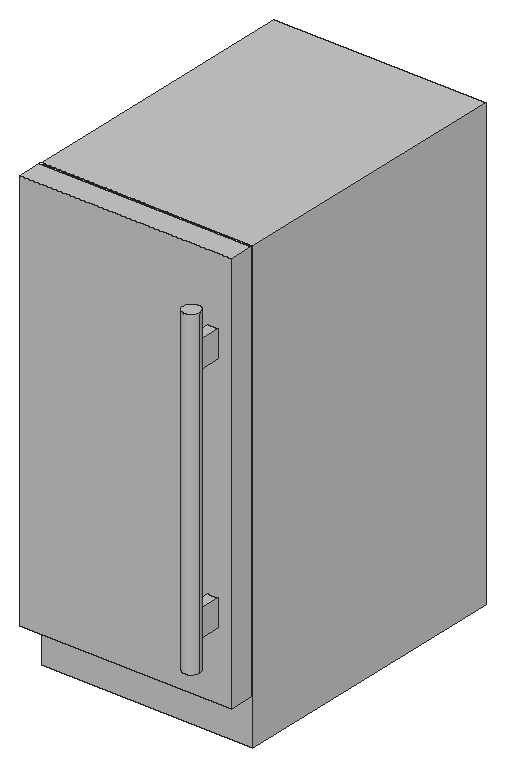
Revit family "M_Refrigerador de embutir", category Equipamento especial, Revit 2019
Family settings
  Cota do conector redondo = Utilizar diâmetro
  Tipo de parte = Normal
  Número OmniClass = 23.40.40.14
  Título OmniClass = Food Service Equipment
  Com base no plano de trabalho = Não
  Sempre na vertical = Sim
  Corte com vazios quando carregada = Não
  Compartilhado = Não
  Ponto de cálculo do ambiente = Não
Parameters (values of type "400mm LH")
  Largura = 400 mm
  Deslocamento de parede = 25 mm
  Voltagem = 120 V
  Type Comments = ""
  Mostrar legenda = yes
  RH = no
  Consumo de energia = 500 VA
  Legenda = "Refr. U.C."
  LH = not(RH)  # yes
  Altura = 850 mm
  Linha de centro do puxador = if(RH, 35 mm, (Largura - 35 mm))  # 365 mm
  Junta = Eletrodoméstico – Junta
  Descrição = "Refrigerador de embutir"
  Linear = 600 mm
  Código de montagem = "E1090320"
  Acabamento do eletrodoméstico = Eletrodoméstico – Aço inoxidável
  Amperagem = Consumo de energia / Voltagem  # 4.16667 A
Types (4, lengths in mm): name | Largura | RH | LH | Linha de centro do puxador
  600mm LH | 600 | no | yes | 565
  600mm RH | 600 | yes | no | 35
  400mm RH | 400 | yes | no | 35
  400mm LH | 400 | no | yes | 365
Reference planes
  plane 1 "Parte posterior": y = 0
  plane 2: z = 0
  plane 3 "Centro (Esquerda/Direita)": x = 0
  plane 4 "Esquerda": x = -200
  plane 5 "Direita": x = 200
  plane 6: y = -25
  plane 7 "Parte frontal": y = -625
  plane 8 "Traseira da porta": y = -574.2
  plane 9 "Superior": z = 850
  plane 10 "Porta B.O.": z = 88.9
  plane 11: x = 165
  plane 12: z = 773.8
  plane 13: z = 165.1
Forms (mm)
  Extrusion 1, solid, material "Eletrodoméstico – Aço inoxidável" <- "Acabamento do eletrodoméstico"
    sketch origin (0, 0, 0) x (1, 0, 0) y (0, 1, 0)
      loop
        line (-200, -25) -> (-200, -574.2) -> (200, -574.2) -> (200, -25) -> (-200, -25)
    from 0 to 850
  Extrusion 2, solid, material "Eletrodoméstico – Aço inoxidável" <- "Acabamento do eletrodoméstico", detail levels fine
    sketch origin (0, -625, 0) x (-1, 0, 0) y (0, 0, 1)
      loop
        line (-155.475, 723) -> (-174.525, 723) -> (-174.525, 672.2) -> (-155.475, 672.2) -> (-155.475, 723)
      loop
        line (-155.475, 266.7) -> (-174.525, 266.7) -> (-174.525, 215.9) -> (-155.475, 215.9) -> (-155.475, 266.7)
    from -42.559 to 0
  Extrusion 3, solid, material "Eletrodoméstico – Aço inoxidável" <- "Acabamento do eletrodoméstico", detail levels fine
    sketch origin (0, 0, 0) x (1, 0, 0) y (0, 1, 0)
      loop
        circle (165, -676.174) r 15.875
    from 165.1 to 773.8
  Extrusion 4, solid, material "Eletrodoméstico – Aço inoxidável" <- "Acabamento do eletrodoméstico"
    sketch origin (0, -625, 0) x (-1, 0, 0) y (0, 0, 1)
      loop
        line (200, 850) -> (-200, 850) -> (-200, 88.9) -> (200, 88.9) -> (200, 850)
    from 0 to 44.45
  Sweep 5, solid, material "Eletrodoméstico – Junta" <- "Junta", detail levels fine
    path in 3D
      loop
        line (-200, -625, 850) -> (-200, -625, 88.9) -> (200, -625, 88.9) -> (200, -625, 850) -> (-200, -625, 850)
    profile origin (0, -625, 850) x (0, -1, 0) y (0, 0, 1)
      loop
        line (-50.8, -3.175) -> (-50.8, -6.35) -> (-44.45, -6.35) -> (-44.45, -3.175)
        arc (-44.45, -3.175) -> (-47.625, 0) -> (-50.8, -3.175) r 3.175
Cuts and joins
  joined: Extrusion 2, Extrusion 3
Lines and regions (mm)
  Split face 1
    outline origin (-200, -25, 0) x (1, 0, 0) y (0, 0, -1)
      loop
        circle (247.6, -697.6) r 50.8
  Masking region 1
    outline origin (0, 0, 0) x (1, 0, 0) y (0, 1, 0)
      loop
        line (-200, -25) -> (-200, -625) -> (200, -625) -> (200, -25) -> (-200, -25)
  Masking region 2, detail levels fine
    outline origin (0, 0, 0) x (1, 0, 0) y (0, 1, 0)
      loop
        line (174.525, -663.474) -> (174.525, -625) -> (155.475, -625) -> (155.475, -663.474)
        arc (155.475, -663.474) -> (150.801, -669.075) -> (149.125, -676.174) r 15.875
        arc (149.125, -676.174) -> (165, -692.049) -> (180.875, -676.174) r 15.875
        arc (180.875, -676.174) -> (179.199, -669.075) -> (174.525, -663.474) r 15.875
  symbolic lines, style "Eletrodomésticos – Giro da planta", visible <- "LH", detail levels medium+fine
    curve 1: arc (200, -625, 0) -> (82.843, -907.843, 0) -> (-200, -1025, 0) r 400
    curve 2: line (-200, -625, 0) -> (-200, -1025, 0)
  symbolic lines, style "Eletrodomésticos – Giro da planta", visible <- "RH", detail levels medium+fine
    curve 3: arc (-200, -625, 0) -> (-82.843, -907.843, 0) -> (200, -1025, 0) r 400
    curve 4: line (200, -1025, 0) -> (200, -625, 0)
  sketch lines
    curve 5: line (200, -625, 850) -> (-200, -625, 850)
    curve 6: line (200, -625, 88.9) -> (200, -625, 850)
    curve 7: line (-200, -625, 88.9) -> (200, -625, 88.9)
    curve 8: line (-200, -625, 850) -> (-200, -625, 88.9)
  symbolic lines, style "Eletrodomésticos"
    curve 9: line (-200, -25, 0) -> (200, -25, 0)
    curve 10: line (-200, -625, 0) -> (-200, -25, 0)
    curve 11: line (200, -625, 0) -> (-200, -625, 0)
    curve 12: line (200, -25, 0) -> (200, -625, 0)
  symbolic lines, style "Eletrodomésticos – Ocultos"
    curve 13: line (-200, -574.2, 0) -> (200, -574.2, 0)
  symbolic lines, style "Eletrodomésticos", detail levels fine
    curve 14: arc (180.875, -676.174, 0) -> (165, -660.299, 0) -> (149.125, -676.174, 0) r 15.875
    curve 15: arc (149.125, -676.174, 0) -> (165, -692.049, 0) -> (180.875, -676.174, 0) r 15.875
    curve 16: line (174.525, -663.474, 0) -> (174.525, -625, 0)
    curve 17: line (155.475, -625, 0) -> (155.475, -663.474, 0)
Dimensions and locks
  equal spacing: plane 4 "Esquerda", plane 3 "Centro (Esquerda/Direita)", plane 5 "Direita"
  "Largura": plane 4 "Esquerda" to plane 5 "Direita"
  "Linear": plane 6 to plane 7 "Parte frontal"
  "Deslocamento de parede": plane 1 "Parte posterior" to plane 6
  "Altura": plane 9 "Superior" to level
  locked: plane 10 "Porta B.O." to level at 88.9
  locked: plane 8 "Traseira da porta" to plane 7 "Parte frontal" at 50.8
  locked: plane 9 "Superior" to plane 12 at 76.2
  locked: plane 13 to plane 10 "Porta B.O." at 76.2
  Extrusion 2 sketch curve to plane 11 to Extrusion 2 sketch curve = 9.525 mm locked, 9.525 mm locked  (x2)
  plane 12 to Extrusion 2 sketch curve to Extrusion 2 sketch curve = 50.8 mm locked, 50.8 mm locked
  Extrusion 2 sketch curve to Extrusion 2 sketch curve to plane 13 = 50.8 mm locked, 50.8 mm locked
  locked: plane 7 "Parte frontal" to Extrusion 3 sketch curve at 51.174
  locked: Split face 1 sketch curve to plane 9 "Superior" at 152.4
  locked: plane 5 "Direita" to Split face 1 sketch curve at 152.4
  "Linha de centro do puxador": plane 4 "Esquerda" to plane 11
  equal spacing: plane 6, nested 1, plane 8 "Traseira da porta"
  locked: plane 9 "Superior" to Sweep 5 sketch curve at 6.35
  "Largura": radius of curve 3
  "Largura": radius of curve 1
  aligned and locked: plane 2 to level
  aligned and locked: Extrusion 1 sketch curve to plane 6
  aligned and locked: plane 4 "Esquerda" to Extrusion 1 sketch curve
  aligned and locked: plane 8 "Traseira da porta" to Extrusion 1 sketch curve
  aligned and locked: Extrusion 1 sketch curve to plane 5 "Direita"
  aligned and locked: plane 9 "Superior" to Extrusion 1
  aligned and locked: plane 7 "Parte frontal" to Extrusion 2
  aligned and locked: plane 11 to Extrusion 3 sketch curve
  aligned and locked: Extrusion 3 to plane 13
  aligned and locked: plane 12 to Extrusion 3
  aligned and locked: plane 12 to cut or joined group of Extrusion 2, Extrusion 3
  aligned and locked: plane 4 "Esquerda" to Extrusion 4 sketch curve
  aligned and locked: Extrusion 4 sketch curve to plane 5 "Direita"
  aligned and locked: plane 10 "Porta B.O." to Extrusion 4 sketch curve
  aligned and locked: plane 3 "Centro (Esquerda/Direita)" to nested 1
  aligned and locked: Masking region 1 sketch curve to plane 5 "Direita"
  aligned and locked: Masking region 1 sketch curve to plane 6
  aligned and locked: plane 4 "Esquerda" to Masking region 1 sketch curve
  aligned and locked: plane 7 "Parte frontal" to Masking region 1 sketch curve
  aligned and locked: Masking region 2 sketch curve to cut or joined group of Extrusion 2, Extrusion 3  (x5)
  aligned and locked: Masking region 2 sketch curve to plane 7 "Parte frontal"
  aligned and locked: Extrusion 4 sketch curve to plane 9 "Superior"
Automatic sketch dimensions
  Sweep 5 sketch curve to Sweep 5 sketch curve = 3.175 mm  (x2)
  profile plane to Sweep 5 sketch curve = 50.8 mm
  curve 1 to plane 4 "Esquerda" = 0 mm
  curve 17 to plane 7 "Parte frontal" = 0 mm
  curve 15 to plane 11 = 0 mm
  curve 13 to plane 8 "Traseira da porta" = 0 mm
  curve 9 to plane 6 = 0 mm
  curve 15 to plane 7 "Parte frontal" = 51.174 mm
  curve 15 to plane 11 = 15.875 mm
  curve 17 to plane 11 = 9.525 mm
  plane 11 to curve 16 = 9.525 mm
  radius of Extrusion 3 sketch curve = 15.875 mm
  radius of Split face 1 sketch curve = 50.8 mm
Nested families
  nested 1: "Anotação de legenda de 2,5" at (0, -299.6, 0), visible <- "Mostrar legenda", type "Anotação de legenda de 2,5"
Connectors
  electrical at (47.6, -25, 697.6), driven by "Voltagem", driven by "Consumo de energia"
    settings: on Extrusion 1, index 1, voltage 120 V, apparent load 500 VA, apparent load phase1 0 VA, apparent load phase2 0 VA, apparent load phase3 0 VA, power factor 1, load classification "Eletrodoméstico", number of poles 1, system type 30, power factor state 1, is connector primary yes, connector utility no, sub classification motor no, connector description "Potência do refrigerador"
Definition of nested family "Anotação de legenda de 2,5"
  Parameters
    Legenda = "Congelador 36 LH"
  Reference planes
    plane 1: y = 0
    plane 2: x = 0
  Text (mm)
    label "Legenda" at (0.095, -0.088, 0), shows "Legenda"
